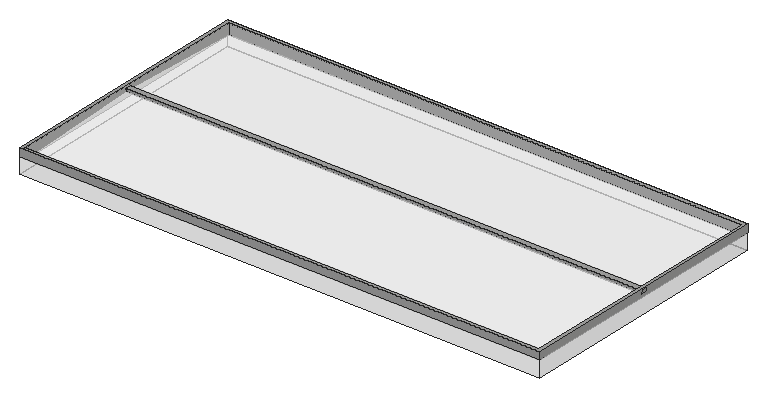
Revit family "VSY24", category Lighting Fixtures, host Face, Revit 2014
Parameters (values of type "VSY24")
  zz Length = Row Length - 1"  # 47"
  Width = 24"
  Wattage = 30 W
  Warranty = "Five-year warranty"  # constant formula
  built-in parameter 1150110 = 1 (stored number, unit not read)
  Voltage = 120 V
  Wattage Comments = "18-61 W"  # constant formula
  URL = "https://www.hubbell.com/columbialighting/en/"
  built-in parameter 1114217 = 1 (stored number, unit not read)
  Tilt Angle = -90.00°
  built-in parameter 1150109 = 1 (stored number, unit not read)
  built-in parameter 1150134 = 3
  built-in parameter 1150113 = 1 (stored number, unit not read)
  Product Link = "https://www.hubbell.com/hubbelllightingci/en/Products/Lighting-Controls/Commercial-Indoor-Lighting/Recessed-Linear-Troffers/Versify-Architectural-Edge-Lit/p/3788218"
  Product Documentation link = "https://hubbellcdn.com/specsheet/COL_VSY24_spec.pdf"
  Photometric Web File = "VSY24-30HLHE-EDU.ies"
  built-in parameter 1150142 = "IESNA:LM-63-1995\r\n[TEST] 23396\r\n[DATE] 6/12/2019\r\n[MANUFAC] COLUMBIA LIGHTING\r\n[LUMCAT] VSY24-30HLHE-EDU\r\n[LUMINAIRE] Versify™ Architectural Edge Lit, Recessed Architectural\r\n[MORE] 2' x 4' Led with acrylic diffuser\r\n[MORE] Data Scaled from Test# 19.01004\r\n[LAMPCAT] Led\r\n[BALLASTCAT] XI050C140V054BST1\r\n[BALLAST] EDU\r\n[_MOUNTING] Recessed\r\n[_BALLASTFACTOR] 1.00\r\n[_SHIELDING_ANGLE_0] 90\r\n[_SHIELDING_ANGLE_90] 90\r\nTILT=NONE\r\n1 -1 1.0 37 5 1 1 1.90 3.92 0.00\r\n1.00 1 38.49\r\n0.00 2.50 5.00 7.50 10.00 12.50 15.00 17.50 20.00 22.50 25.00 27.50 30.00 32.50\r\n35.00 37.50 40.00 42.50 45.00 47.50 50.00 52.50 55.00 57.50 60.00 62.50 65.00\r\n67.50 70.00 72.50 75.00 77.50 80.00 82.50 85.00 87.50 90.00\r\n0.00 22.50 45.00 67.50 90.00\r\n2116 2111 2103 2089 2069 2043 2011 1973 1930 1884 1830 1772 1709 1643 1572 1499\r\n1423 1346 1268 1190 1109 1030 949 869 790 712 634 559 488 417 347 280 216 154\r\n97 43 2\r\n2116 2114 2105 2091 2070 2043 2011 1973 1931 1883 1829 1770 1708 1641 1570 1497\r\n1421 1344 1266 1188 1108 1028 948 868 788 711 633 558 485 413 341 272 207 144\r\n86 33 1\r\n2116 2115 2106 2092 2070 2044 2012 1973 1931 1884 1831 1773 1712 1646 1577 1505\r\n1430 1354 1276 1198 1119 1037 956 875 792 711 631 553 479 405 334 265 200 138\r\n80 29 1\r\n2116 2114 2104 2090 2068 2041 2008 1970 1927 1880 1828 1771 1711 1647 1580 1510\r\n1437 1362 1284 1206 1125 1041 956 873 790 708 628 548 472 398 326 257 191 129\r\n71 28 1\r\n2116 2111 2102 2087 2065 2039 2007 1969 1926 1880 1829 1773 1714 1651 1585 1517\r\n1444 1370 1293 1215 1132 1048 964 879 795 713 632 553 477 402 330 261 193 131\r\n73 30 1\r\n"
  Model = "VSY24"  # constant formula
  Manufacturer = "Columbia Lighting"  # constant formula
  Row Length = 48"
  built-in parameter 1150105 = 334.23 (stored number, unit not read)
  Lumens = 4200 lm
  built-in parameter 1150115 = 1 (stored number, unit not read)
  Load Classification = Lighting
  built-in parameter 1150137 = (empty or 0)
  built-in parameter 1150139 = (empty or 0)
  built-in parameter 1150112 = 1 (stored number, unit not read)
  built-in parameter 1150114 = 1 (stored number, unit not read)
  Lamp = "LED lamp"  # constant formula
  Light Bulb = Hubbell - White Glass
  built-in parameter 1150132 = (empty or 0)
  built-in parameter 1150102 = (empty or 0)
  built-in parameter 1150107 = 3200 (stored number, unit not read)
  built-in parameter 1150138 = (empty or 0)
  built-in parameter 1150106 = 3.3423 (stored number, unit not read)
  Frame = Paint - Hubbell - Gray Smooth
  Features = "Architectural styling in an edge-lit luminaire\r\n• High efficiency acrylic lens featuring edge lit technology\r\n• Ideal for offices, schools, medical, and public spaces\r\n• Up to 150 lumens per watt\r\n• Stylish controls integration\r\n• 2inch overall depth, 2 1/4inch with emergency battery pack\r\n• Certified UL924 for fixtures with battery or DTS (Dimming Bypass\r\nModule) options"  # constant formula
  Emit from Rectangle Width = Width  # 24"
  Emit from Rectangle Length = Row Length  # 48"
  Emit Shape Visible in Rendering = no
  built-in parameter 1150104 = 13.006 (stored number, unit not read)
  Dimming Lamp Color Temperature Shift = <None>
  Description = "VERSIFY™ 2'X4' ARCHITECTURAL EDGE-LIT"  # constant formula
  Default Elevation = 48"
  Contact us = "https://www.hubbell.com/hubbelllightingci/en/contactUs"
  Color Filter = 16777215
  built-in parameter 1114218 = 1 (stored number, unit not read)
  Backbox = Hubbell - White
  built-in parameter 1150133 = 10 (stored number, unit not read)
  Apparent Load = 0 VA
Reference planes (in)
  plane 1 "Center (Front/Back)": y = 0.03999
  plane 2: z = 0
  plane 3 "Center (Left/Right)": x = 1.66944
  plane 4: x = -22.33056
  plane 5: x = 25.66944
  plane 6: z = -2
  plane 7: y = -11.96001
  plane 8: y = 12.03999
  plane 9: z = 0.125
Forms (in)
  Extrusion 1, void
    sketch origin (0, 0.03999, 0) x (1, 0, 0) y (0, 0, 1)
      loop
        line (-22.33056, 0) -> (-22.33056, -2) -> (25.66944, -2) -> (25.66944, 0) -> (-22.33056, 0)
    from -12 to 12
  Sweep 2, solid, material "Paint - Hubbell - Gray Smooth" <- "Frame"
    path origin (0, 0, 0) x (1, 0, 0) y (0, 1, 0)
      loop
        line (-22.33056, 12.03999) -> (-22.33056, -11.96001) -> (25.66944, -11.96001) -> (25.66944, 12.03999) -> (-22.33056, 12.03999)
    profile origin (1.66944, 12.03999, 0) x (0, 1, 0) y (0, 0, 1)
      loop
        line (-0.25, 0.21875) -> (-0.60016, -0.48156) -> (0, -0.5) -> (0, 0.21875) -> (-0.25, 0.21875)
  Sweep 3, solid, material "Paint - Hubbell - Gray Smooth" <- "Frame"
    path origin (0, 0, 0) x (1, 0, 0) y (0, 1, 0)
      loop
        line (-22.33056, 0.03999) -> (25.66944, 0.03999)
    profile origin (1.66944, 0.03999, 0) x (0, 1, 0) y (0, 0, 1)
      loop
        line (0.25329, 0.09582) -> (-0.23295, 0.09582) -> (-0.23295, -0.17867) -> (0.25329, -0.17867) -> (0.25329, 0.09582)
  Extrusion 4, solid, material "Hubbell - White Glass" <- "Light Bulb"
    sketch origin (1.66944, 0, 0) x (0, 1, 0) y (0, 0, 1)
      loop
        line (12.03999, -2) -> (12.03999, -0.5) -> (0.14954, -0.13468) -> (-0.05423, -0.13468) -> (-11.96001, -0.5) -> (-11.96001, -2) -> (12.03999, -2)
    from -24 to 24
Dimensions and locks (in)
  equal spacing: plane 5, plane 3 "Center (Left/Right)", plane 4
  "Row Length": plane 5 to plane 4
  equal spacing: plane 7, plane 1 "Center (Front/Back)", plane 8
  "Width": plane 7 to plane 8
  plane 9 to plane 2 = 1/8"
  plane 9 to plane 6 = 2 1/8"
  plane 4 to plane 5 = 48"
  aligned and locked: plane 2 to host face
  aligned and locked: level to host face
  aligned and locked: Extrusion 1 sketch curve to level
  aligned and locked: plane 4 to Extrusion 1 sketch curve
  aligned and locked: Extrusion 1 sketch curve to plane 5
  aligned and locked: plane 6 to Extrusion 1 sketch curve
  aligned and locked: Extrusion 1 to plane 8
  aligned and locked: Extrusion 1 to plane 7
  aligned and locked: plane 8 to Sweep 2 sketch curve
  aligned and locked: plane 4 to Sweep 2 sketch curve
  aligned and locked: plane 7 to Sweep 2 sketch curve
  aligned and locked: Sweep 2 sketch curve to plane 5
  aligned and locked: Extrusion 4 to plane 4
  aligned and locked: plane 5 to Extrusion 4
Automatic sketch dimensions
  host sketch curve to host sketch curve = 96"  (x2)
  plane 1 "Center (Front/Back)" to Sweep 3 sketch curve = 0"
  Sweep 3 sketch curve to plane 4 = 0"
  Sweep 3 sketch curve to plane 5 = 0"
  Extrusion 4 sketch curve to plane 7 = 0"
  Extrusion 4 sketch curve to plane 8 = 0"
  Extrusion 4 sketch curve to plane 6 = 0"
  plane 1 "Center (Front/Back)" to Extrusion 4 sketch curve = 0.09422"
  Extrusion 4 sketch curve to plane 1 "Center (Front/Back)" = 0.10955"
  Extrusion 4 sketch curve to level = 1/2"  (x2)
  Extrusion 4 sketch curve to level = 0.13468"
  level to Sweep 2 sketch curve = 7/32"
  Sweep 2 sketch curve to Sweep 2 sketch curve = 1/4"
  Sweep 2 sketch curve to profile plane = 0"
  profile plane to Sweep 2 sketch curve = 0.60016"
  Sweep 2 sketch curve to level = 0.48156"
  Sweep 2 sketch curve to level = 1/2"
  profile plane to Sweep 3 sketch curve = 0.23295"
  Sweep 3 sketch curve to profile plane = 0.25329"
  Sweep 3 sketch curve to level = 0.17867"
  level to Sweep 3 sketch curve = 0.09582"
Connectors (in)
  electrical at (1.66944, 0.03999, -0.125)
    settings: on Sweep 2, index 1, voltage 0 V, apparent load 0 VA, apparent load phase1 0 VA, apparent load phase2 0 VA, apparent load phase3 0 VA, power factor 1, load classification "Other", number of poles 1, system type 30, power factor state 1, is connector primary yes, connector utility no, sub classification motor no, connector description "Lighting Connector"
